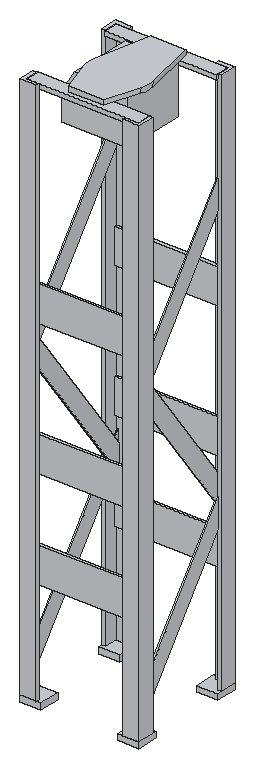
Revit family "Steel Frame", category Structural Framing, Revit 2015
Parameters
  TraverseWidth = SteelFrameWidth - 32 mm  # 478 mm
  Top plate width = SteelFrameWidth - 71.6 mm  # 438.4 mm
  Top plate elevation = 2383 mm
  Thickness = if(SteelFrameHeight > 2383 mm, 0.0042 * SteelFrameHeight, if(SteelFrameHeight < 2383 mm, 0.0042 * SteelFrameHeight, 10 mm))  # 10 mm
  SteelFrameWidth = 510 mm
  SteelFrameLenght = SteelFrameWidth  # 510 mm
  SteelFrameHeight = 2383 mm
  LegWidth [instance] = 70 mm  # constant formula
  LegHeight [instance] = SteelFrameHeight - 25 mm  # 2358 mm
  Connection3Elevation = if(SteelFrameHeight > 2383 mm, 0.6147 * SteelFrameHeight, if(SteelFrameHeight < 2383 mm, 0.6147 * SteelFrameHeight, 1465 mm))  # 1465 mm
  Connection2Elevation = if(SteelFrameHeight > 2383 mm, 0.3734 * SteelFrameHeight, if(SteelFrameHeight < 2383 mm, 0.3734 * SteelFrameHeight, 890 mm))  # 890 mm
  Connection1Elevation = if(SteelFrameHeight > 2383 mm, 0.1951 * SteelFrameHeight, if(SteelFrameHeight < 2383 mm, 0.1951 * SteelFrameHeight, 465 mm))  # 465 mm
Reference planes
  plane 1 "Center (Front/Back)": y = 0
  plane 2: z = 0
  plane 3 "Center (Left/Right)": x = 0
  plane 4: y = -255
  plane 5: y = 255
  plane 6: x = 255
  plane 7: x = -255
  plane 8: z = 25
  plane 9: z = 2383
  plane 10: z = 2363
  plane 11: x = -239
  plane 12: y = 239
  plane 13: x = 239
  plane 14: y = -239
  plane 15: y = -179
  plane 16: y = 179
  plane 17: y = -229
  plane 18: y = 229
  plane 19: y = 165.5
  plane 20: y = -105.5
  plane 21: x = 85
  plane 22: z = 2173
  plane 23: x = -194.914
  plane 24 "Insulator center": y = -40.5
Forms (mm)
  Extrusion 1, solid
    sketch origin (0, 0, 0) x (1, 0, 0) y (0, 1, 0)
      loop
        line (-239, -179) -> (-239, -239) -> (239, -239) -> (239, -179) -> (-239, -179)
    from 2363 to 2383
  Extrusion 2, solid
    sketch origin (0, 0, 0) x (1, 0, 0) y (0, 1, 0)
      loop
        line (-239, 179) -> (239, 179) -> (239, 239) -> (-239, 239) -> (-239, 179)
    from 2363 to 2383
  Extrusion 3, solid
    sketch origin (10, 0, 23.55) x (1, 0, 0) y (0, 0, 1)
      loop
        line (75, 2149.45) -> (75, 2359.45) -> (-149.6, 2359.45) -> (-204.914, 2269.292) -> (-204.914, 2149.45) -> (75, 2149.45)
    from -165.5 to 105.5
Dimensions and locks
  "SteelFrameHeight": plane 9 to level
  locked: plane 8 to level at 25
  equal spacing: plane 7, plane 3 "Center (Left/Right)", plane 6
  "SteelFrameWidth": plane 7 to plane 6
  equal spacing: plane 4, plane 1 "Center (Front/Back)", plane 5
  "SteelFrameLenght": plane 4 to plane 5
  locked: plane 9 to plane 10 at 20
  locked: plane 13 to plane 6 at 16
  locked: plane 7 to plane 11 at 16
  locked: plane 12 to plane 5 at 16
  locked: plane 4 to plane 14 at 16
  locked: plane 14 to plane 15 at 60
  locked: plane 16 to plane 12 at 60
  "Thickness": plane 14 to plane 17
  "Thickness": plane 12 to plane 18
  locked: plane 10 to plane 22 at 190
  locked: plane 19 to plane 16 at 13.5
  locked: plane 11 to plane 23 at 44.086
  locked: plane 23 to plane 21 at 279.914
  locked: plane 20 to plane 19 at 271
  locked: plane 24 "Insulator center" to plane 1 "Center (Front/Back)" at 40.5
  aligned and locked: level to plane 2
  aligned and locked: plane 7 to nested 1
  aligned and locked: nested 1 to plane 5  (x2)
  aligned and locked: plane 6 to nested 2  (x2)
  aligned and locked: plane 5 to nested 2
  aligned and locked: nested 2 to plane 8  (x2)
  aligned and locked: level to nested 2  (x2)
  aligned and locked: nested 1 to plane 7  (x2)
  aligned and locked: plane 5 to nested 1
  aligned and locked: nested 2 to plane 6
  aligned and locked: nested 2 to plane 5  (x2)
  aligned and locked: plane 8 to nested 1
  aligned and locked: nested 1 to level
  aligned and locked: nested 4 to level  (x2)
  aligned and locked: level to nested 3  (x2)
  aligned and locked: nested 4 to plane 6
  aligned and locked: plane 4 to nested 4
  aligned and locked: nested 3 to plane 7
  aligned and locked: nested 3 to plane 4
  aligned and locked: nested 3 to plane 8
  aligned and locked: plane 8 to nested 4
  aligned and locked: level to nested 4
  aligned and locked: plane 7 to nested 5
  aligned and locked: nested 5 to plane 5
  aligned and locked: nested 5 to plane 8
  aligned and locked: plane 9 to nested 5
  aligned and locked: plane 5 to nested 6
  aligned and locked: plane 6 to nested 6
  aligned and locked: nested 7 to plane 7
  aligned and locked: nested 7 to plane 4
  aligned and locked: nested 8 to plane 6
  aligned and locked: plane 4 to nested 8
  aligned and locked: plane 12 to nested 9
  aligned and locked: plane 14 to nested 9
  aligned and locked: plane 11 to nested 9
  aligned and locked: nested 10 to plane 12
  aligned and locked: nested 10 to plane 14
  aligned and locked: plane 13 to nested 10
  aligned and locked: nested 11 to plane 11
  aligned and locked: plane 13 to nested 11
  aligned and locked: plane 14 to nested 11
  aligned and locked: plane 3 "Center (Left/Right)" to nested 11
  aligned and locked: plane 12 to nested 12
  aligned and locked: nested 12 to plane 3 "Center (Left/Right)"
  aligned and locked: plane 3 "Center (Left/Right)" to nested 13
  aligned and locked: nested 13 to plane 11
  aligned and locked: plane 13 to nested 13
  aligned and locked: plane 14 to nested 13
  aligned and locked: plane 12 to nested 14
  aligned and locked: nested 14 to plane 3 "Center (Left/Right)"
  aligned and locked: plane 3 "Center (Left/Right)" to nested 15
  aligned and locked: plane 14 to nested 15
  aligned and locked: nested 16 to plane 3 "Center (Left/Right)"
  aligned and locked: plane 15 to Extrusion 1 sketch curve
  aligned and locked: plane 11 to Extrusion 1 sketch curve
  aligned and locked: Extrusion 1 sketch curve to nested 11
  aligned and locked: Extrusion 1 sketch curve to nested 10
  aligned and locked: plane 9 to Extrusion 1
  aligned and locked: Extrusion 1 to plane 10
  aligned and locked: nested 11 to plane 17
  aligned and locked: nested 13 to plane 17
  aligned and locked: nested 15 to plane 17
  aligned and locked: plane 18 to nested 16
  aligned and locked: nested 16 to plane 18
  aligned and locked: plane 18 to nested 14
  aligned and locked: plane 18 to nested 12
  aligned and locked: Extrusion 2 sketch curve to plane 12
  aligned and locked: Extrusion 2 sketch curve to plane 11
  aligned and locked: plane 13 to Extrusion 2 sketch curve
  aligned and locked: plane 16 to Extrusion 2 sketch curve
  aligned and locked: plane 9 to Extrusion 2
  aligned and locked: Extrusion 2 to plane 10
  aligned and locked: Extrusion 3 to plane 19
  aligned and locked: plane 20 to Extrusion 3
  aligned and locked: plane 23 to Extrusion 3 sketch curve
  aligned and locked: plane 22 to Extrusion 3 sketch curve
  aligned and locked: Extrusion 3 sketch curve to plane 21
  aligned and locked: plane 3 "Center (Left/Right)" to nested 17
  aligned and locked: plane 24 "Insulator center" to nested 17
  aligned and locked: nested 17 to plane 9
Automatic sketch dimensions
  Extrusion 3 sketch curve to Extrusion 3 sketch curve = 55.314 mm
  Extrusion 3 sketch curve to Extrusion 3 sketch curve = 119.842 mm
  Extrusion 3 sketch curve to Extrusion 3 sketch curve = 210 mm
Nested families
  nested 1: "Base leg plate" at (-255, 165, 0), type "Base leg plate"
  nested 2: "Base leg plate" at (255, 165, 0) x (-1, 0, 0) z (0, 0, 1), type "Base leg plate"
  nested 3: "Base leg plate" at (-255, -165, 0), type "Base leg plate"
  nested 4: "Base leg plate" at (255, -165, 0) x (-1, 0, 0) z (0, 0, 1), type "Base leg plate"
  nested 5: "Leg" at (-255, 185, 25), LegHeight <- "LegHeight", LegWidth <- "LegWidth", type "Leg"
    with LegWidth 70 mm, LegThickness 16 mm, LegLenght 70 mm, LegHeight 2358 mm
  nested 6: "Leg" at (255, 185, 25) x (-1, 0, 0) z (0, 0, 1), LegHeight <- "LegHeight", LegWidth <- "LegWidth", type "Leg"
    with LegWidth 70 mm, LegThickness 16 mm, LegLenght 70 mm, LegHeight 2358 mm
  nested 7: "Leg" at (-255, -185, 25), LegHeight <- "LegHeight", LegWidth <- "LegWidth", type "Leg"
    with LegWidth 70 mm, LegThickness 16 mm, LegLenght 70 mm, LegHeight 2358 mm
  nested 8: "Leg" at (255, -185, 25) x (-1, 0, 0) z (0, 0, 1), LegHeight <- "LegHeight", LegWidth <- "LegWidth", type "Leg"
    with LegWidth 70 mm, LegThickness 16 mm, LegLenght 70 mm, LegHeight 2358 mm
  nested 9: "Steel frame traverse" at (-239, -239, 0), type "Steel frame traverse"
    with TraverseHeight 782.833 mm, Thickness 5.7 mm, SteelFrameHeight 2383 mm, OffsetTraverse 609.333 mm
  nested 10: "Steel frame traverse" at (239, -239, 0) x (-1, 0, 0) z (0, 0, 1), type "Steel frame traverse"
    with TraverseHeight 782.833 mm, Thickness 5.7 mm, SteelFrameHeight 2383 mm, OffsetTraverse 609.333 mm
  nested 11: "Leg connection travers" at (0, -239, 465), built-in parameter 1001364 <- "Connection1Elevation", Width <- "TraverseWidth", Thickness <- "Thickness", type "Leg connection travers"
    with Width 478 mm, Thickness 10 mm, Height 150 mm
  nested 12: "Leg connection travers" at (0, 239, 465), built-in parameter 1001364 <- "Connection1Elevation", Thickness <- "Thickness", Width <- "TraverseWidth", type "Leg connection travers"
    with Width 478 mm, Thickness 10 mm, Height 150 mm
  nested 13: "Leg connection travers" at (0, -239, 890), built-in parameter 1001364 <- "Connection2Elevation", Width <- "TraverseWidth", Thickness <- "Thickness", type "Leg connection travers"
    with Width 478 mm, Thickness 10 mm, Height 150 mm
  nested 14: "Leg connection travers" at (0, 239, 890), built-in parameter 1001364 <- "Connection2Elevation", Width <- "TraverseWidth", Thickness <- "Thickness", type "Leg connection travers"
    with Width 478 mm, Thickness 10 mm, Height 150 mm
  nested 15: "Leg connection travers" at (0, -239, 1465), Width <- "TraverseWidth", built-in parameter 1001364 <- "Connection3Elevation", Thickness <- "Thickness", type "Leg connection travers"
    with Width 478 mm, Thickness 10 mm, Height 150 mm
  nested 16: "Leg connection travers" at (0, 239, 1465), Width <- "TraverseWidth", built-in parameter 1001364 <- "Connection3Elevation", Thickness <- "Thickness", type "Leg connection travers"
    with Width 478 mm, Thickness 10 mm, Height 150 mm
  nested 17: "top plate" at (0, -40.5, 2383), type "top plate"
Definition of nested family "Base leg plate"
  Parameters (values of type "Base leg plate")
    BaselegPlateWidth = 90 mm
    BaseLegPlateThickness = if(BaselegPlateWidth > 90 mm, 0.27 * BaselegPlateWidth, if(BaselegPlateWidth < 90 mm, 0.27 * BaselegPlateWidth, 25 mm))  # 25 mm
    BaseLegPlateLenght = BaselegPlateWidth  # 90 mm
  Reference planes
    plane 1 "Center (Front/Back)": y = 0
    plane 2: z = 0
    plane 3 "Center (Left/Right)": x = 0
    plane 4: x = 90
    plane 5: y = 90
    plane 6: z = 25
  Forms (mm)
    Extrusion 1, solid
      sketch origin (0, 0, 0) x (1, 0, 0) y (0, 1, 0)
        loop
          line (0, 90) -> (0, 0) -> (90, 0) -> (90, 90) -> (0, 90)
      from 0 to 25
  Dimensions and locks
    "BaseLegPlateThickness": plane 6 to level
    "BaselegPlateWidth": plane 3 "Center (Left/Right)" to plane 4
    "BaseLegPlateLenght": plane 1 "Center (Front/Back)" to plane 5
    aligned and locked: level to plane 2
    aligned and locked: plane 5 to Extrusion 1 sketch curve
    aligned and locked: plane 3 "Center (Left/Right)" to Extrusion 1 sketch curve
    aligned and locked: Extrusion 1 sketch curve to plane 1 "Center (Front/Back)"
    aligned and locked: Extrusion 1 sketch curve to plane 4
    aligned and locked: plane 6 to Extrusion 1
Definition of nested family "Leg"
  Parameters (values of type "Leg")
    LegWidth [instance] = 70 mm
    LegThickness [instance] = 16 mm
    LegLenght [instance] = LegWidth  # 70 mm
    LegHeight [instance] = 2358 mm
  Reference planes
    plane 1 "Center (Front/Back)": y = 0
    plane 2: z = 0
    plane 3 "Center (Left/Right)": x = 0
    plane 4: x = 70
    plane 5: y = 70
    plane 6: z = 2358
  Forms (mm)
    Extrusion 1, solid, detail levels coarse
      sketch origin (0, 0, 0) x (1, 0, 0) y (0, 1, 0)
        loop
          line (70, 0) -> (70, 70) -> (0, 70) -> (0, 0) -> (70, 0)
      from 0 to 2358
    Sweep 2, solid
      path origin (0, 0, 0) x (1, 0, 0) y (0, 0, 1)
        loop
          line (0, 0) -> (0, 2358)
      profile "Leg profile : Leg profile" origin (0, 0, 1179) x (-1, 0, 0) y (0, -1, 0)
        loop
          line (0, -70) -> (0, 0) -> (-16, 0) -> (-16, -54) -> (-70, -54) -> (-70, -70) -> (0, -70)
  Dimensions and locks
    "LegHeight": plane 6 to level
    "LegWidth": plane 3 "Center (Left/Right)" to plane 4
    "LegLenght": plane 1 "Center (Front/Back)" to plane 5
    aligned and locked: level to plane 2
    aligned and locked: Extrusion 1 sketch curve to plane 1 "Center (Front/Back)"
    aligned and locked: Extrusion 1 sketch curve to plane 4
    aligned and locked: plane 5 to Extrusion 1 sketch curve
    aligned and locked: plane 3 "Center (Left/Right)" to Extrusion 1 sketch curve
    aligned and locked: plane 6 to Extrusion 1
    aligned and locked: Extrusion 1 to level
    aligned and locked: plane 6 to Sweep 2 sketch curve
    aligned and locked: level to Sweep 2 sketch curve
  Automatic sketch dimensions
    Sweep 2 sketch curve to plane 3 "Center (Left/Right)" = 0 mm
Definition of nested family "Steel frame traverse"
  Parameters (values of type "Steel frame traverse")
    TraverseWidth = 478 mm
    TraverseHeight = (SteelFrameHeight - 381.5 mm + (2 * OverlapTraverse)) / 3  # 921.833 mm
    Thickness = if(SteelFrameHeight > 2383 mm, 0.0025 * SteelFrameHeight, if(SteelFrameHeight < 2383 mm, 0.0025 * SteelFrameHeight, 5.7 mm))  # 7 mm
    SteelFrameHeight = 2800 mm
    OverlapTraverse = 173.5 mm  # constant formula
    OffsetTraverse = TraverseHeight - OverlapTraverse  # 748.333 mm
  Reference planes
    plane 1 "Center (Front/Back)": y = 0
    plane 2: z = 0
    plane 3 "Center (Left/Right)": x = 0
    plane 4: z = 53.2
    plane 5: z = 2800
    plane 6: y = 478
    plane 7: z = 801.533
    plane 8: z = 1549.867
  Dimensions and locks
    "SteelFrameHeight": plane 5 to level
    locked: plane 4 to level at 53.2
    "TraverseWidth": plane 1 "Center (Front/Back)" to plane 6
    "OffsetTraverse": plane 7 to plane 4
    "OffsetTraverse": plane 8 to plane 7
    aligned and locked: level to plane 2
    aligned and locked: plane 4 to nested 1
    aligned and locked: nested 1 to plane 1 "Center (Front/Back)"
    aligned and locked: plane 3 "Center (Left/Right)" to nested 1
    aligned and locked: nested 2 to plane 3 "Center (Left/Right)"
    aligned and locked: nested 2 to plane 6
    aligned and locked: nested 2 to plane 7
    aligned and locked: plane 8 to nested 3
    aligned and locked: plane 6 to nested 2
    aligned and locked: nested 2 to plane 1 "Center (Front/Back)"  (x2)
    aligned and locked: nested 3 to plane 6
  Nested families
    nested 1: "Beam" at (7, 0, 53.2) x (0, 1, 0) z (0, 0, 1), type "Beam"
      with OffsetNeeded yes, Offset 7 mm, TraversWidth 478 mm, TraversHeight 921.833 mm, Thickness 7 mm
    nested 2: "Beam" at (14, 478, 801.533) x (0, -1, 0) z (0, 0, 1), type "Beam"
      with OffsetNeeded yes, Offset 7 mm, TraversWidth 478 mm, TraversHeight 921.833 mm, Thickness 7 mm
    nested 3: "Beam" at (5.7, 0, 1549.867) x (0, 1, 0) z (0, 0, 1), type "Beam"
      with OffsetNeeded yes, Offset 7 mm, TraversWidth 478 mm, TraversHeight 921.833 mm, Thickness 7 mm
  Definition of nested family "Beam"
    Parameters (values of type "Beam")
      TraversWidth = 490 mm
      TraversHeight = 813 mm
      Thickness = 5.7 mm
      OffsetNeeded [instance] = yes
      Offset [instance] = if(OffsetNeeded, Thickness, 0 mm)  # 5.7 mm
    Reference planes
      plane 1 "Center (Front/Back)": y = 0
      plane 2: z = 0
      plane 3 "Center (Left/Right)": x = 0
      plane 4: y = 5.7
      plane 5: x = 490
      plane 6: z = 813
      plane 7: z = 691.9
      plane 8: z = 121.1
      plane 9: z = 0
      plane 10: y = 11.4
    Forms (mm)
      Extrusion 1, solid
        sketch origin (0, 0, 0) x (1, 0, 0) y (0, 0, 1)
          loop
            line (0, 121.1) -> (0, 0) -> (490, 691.9) -> (490, 813) -> (0, 121.1)
        from -5.7 to 0
    Lines and regions (mm)
      reference lines
        curve 1: line (0, 0, 121.1) -> (490, 0, 813)
        curve 2: line (0, 0, 0) -> (490, 0, 691.9)
    Dimensions and locks
      "Thickness": plane 1 "Center (Front/Back)" to plane 4
      locked: plane 6 to plane 7 at 121.1
      "TraversWidth": plane 5 to plane 3 "Center (Left/Right)"
      locked: plane 8 to plane 9 at 121.1
      "TraversHeight": plane 6 to plane 9
      locked: plane 9 to level
      "Offset": plane 4 to plane 10
      aligned and locked: level to plane 2
      aligned and locked: plane 5 to curve 1
      aligned and locked: plane 5 to curve 2
      aligned and locked: plane 3 "Center (Left/Right)" to curve 2
      aligned and locked: Extrusion 1 sketch curve to curve 2
      aligned and locked: Extrusion 1 sketch curve to plane 3 "Center (Left/Right)"
      aligned and locked: Extrusion 1 sketch curve to plane 5
      aligned and locked: Extrusion 1 sketch curve to curve 1
      aligned and locked: Extrusion 1 to plane 4
      aligned and locked: plane 1 "Center (Front/Back)" to Extrusion 1
    Automatic sketch dimensions
      curve 2 to level = 0 mm
      curve 1 to plane 3 "Center (Left/Right)" = 0 mm
      curve 1 to plane 8 = 0 mm
      curve 2 to plane 7 = 0 mm
      curve 1 to plane 6 = 0 mm
Definition of nested family "Leg connection travers"
  Parameters (values of type "Leg connection travers")
    Width [instance] = 455.2 mm
    Thickness [instance] = 10 mm
    Height [instance] = 150 mm
  Reference planes
    plane 1 "Center (Front/Back)": y = 0
    plane 2: z = 0
    plane 3 "Center (Left/Right)": x = 0
    plane 4: y = 10
    plane 5: z = 150
    plane 6: x = -227.6
    plane 7: x = 227.6
  Forms (mm)
    Extrusion 1, solid
      sketch origin (0, 0, 0) x (1, 0, 0) y (0, 0, 1)
        loop
          line (-227.6, 150) -> (-227.6, 0) -> (227.6, 0) -> (227.6, 150) -> (-227.6, 150)
      from -10 to 0
  Dimensions and locks
    "Thickness": plane 1 "Center (Front/Back)" to plane 4
    "Height": plane 5 to level
    equal spacing: plane 7, plane 3 "Center (Left/Right)", plane 6
    "Width": plane 7 to plane 6
    aligned and locked: level to plane 2
    aligned and locked: Extrusion 1 sketch curve to plane 5
    aligned and locked: plane 6 to Extrusion 1 sketch curve
    aligned and locked: plane 2 to Extrusion 1 sketch curve
    aligned and locked: Extrusion 1 sketch curve to plane 7
    aligned and locked: Extrusion 1 to plane 4
    aligned and locked: plane 1 "Center (Front/Back)" to Extrusion 1
Definition of nested family "top plate"
  Parameters (values of type "top plate")
    right = if(Lenght > 438.4 mm, (0.5 * Lenght) + 38.2 mm, if(Lenght < 438.4 mm, (0.5 * Lenght) + 38.2 mm, 219.5 mm))  # 219.5 mm
    Width = if(Lenght > 438.4 mm, 0.3405 * Lenght, if(Lenght < 438.4 mm, 0.3405 * Lenght, 149.3 mm))  # 149.3 mm
    Lenght = 438.4 mm
    left = if(Lenght > 438.4 mm, (0.31592 * Lenght) + 42.2 mm, if(Lenght < 438.4 mm, (0.31592 * Lenght) + 42.2 mm, 138.5 mm))  # 138.5 mm
    Thickness = 20 mm
    Radius top plate = if(Lenght > 438.4 mm, 0.29 * Lenght, if(Lenght < 438.4 mm, 0.29 * Lenght, 127.5 mm))  # 127.5 mm
  Reference planes
    plane 1 "Center (Front/Back)": y = 0
    plane 2: z = 0
    plane 3 "Center (Left/Right)": x = 0
    plane 4: z = 20
    plane 5: y = -180.7
    plane 6: y = 257.7
    plane 7: x = -74.65
    plane 8: x = 74.65
    plane 9: y = 219.5
    plane 10: y = -138.5
  Forms (mm)
    Extrusion 1, solid
      sketch origin (-1700, 0, 150) x (-1, 0, 0) y (0, -1, 0)
        loop
          line (-1774.65, 180.7) -> (-1821.083, 39.939)
          arc (-1821.083, 39.939) -> (-1827.136, 9.63) -> (-1825.717, -21.246) r 127.5
          line (-1825.717, -21.246) -> (-1774.65, -257.7) -> (-1625.35, -257.7) -> (-1574.283, -21.246)
          arc (-1574.283, -21.246) -> (-1572.864, 9.63) -> (-1578.917, 39.939) r 127.5
          line (-1578.917, 39.939) -> (-1625.35, 180.7) -> (-1774.65, 180.7)
      from -150 to -130
  Dimensions and locks
    "Thickness": plane 4 to level
    equal spacing: plane 7, plane 3 "Center (Left/Right)", plane 8
    "Width": plane 7 to plane 8
    locked: plane 10 to plane 5 at 42.2
    locked: plane 9 to plane 6 at 38.2
    "right": plane 1 "Center (Front/Back)" to plane 9
    "left": plane 1 "Center (Front/Back)" to plane 10
    "Radius top plate": radius of Extrusion 1 sketch curve  (x2)
    aligned and locked: level to plane 2
    aligned and locked: plane 6 to Extrusion 1 sketch curve
    aligned and locked: plane 5 to Extrusion 1 sketch curve
    aligned and locked: plane 3 "Center (Left/Right)" to Extrusion 1 sketch curve  (x2)
    aligned and locked: plane 1 "Center (Front/Back)" to Extrusion 1 sketch curve  (x2)
    aligned and locked: plane 7 to Extrusion 1 sketch curve  (x2)
    aligned and locked: plane 8 to Extrusion 1 sketch curve  (x2)
  Automatic sketch dimensions
    plane 1 "Center (Front/Back)" to Extrusion 1 sketch curve = 39.939 mm  (x2)
    Extrusion 1 sketch curve to plane 1 "Center (Front/Back)" = 21.246 mm  (x2)
